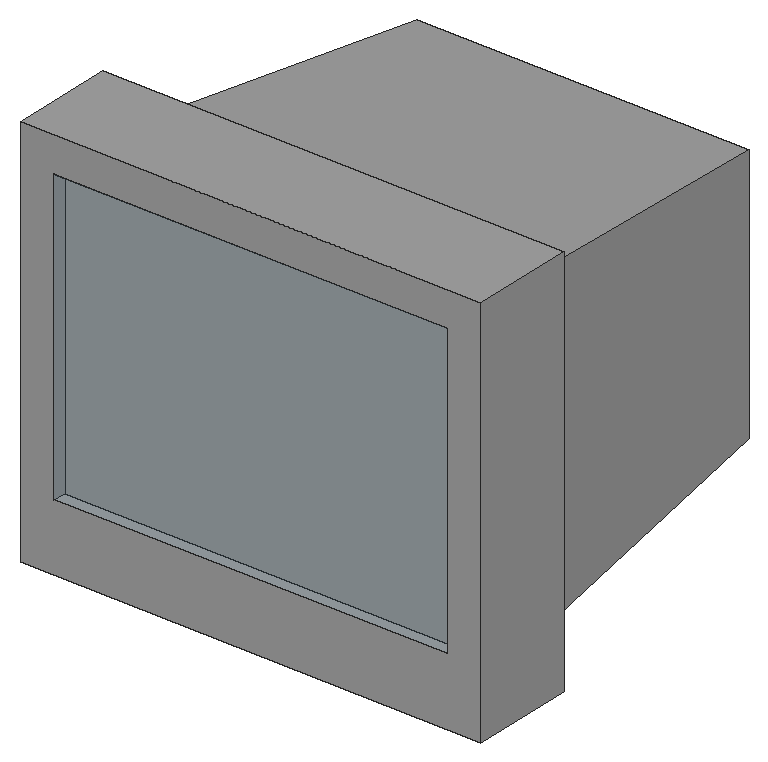
Revit family
Parameters (values of type "520mm 폭")
  재료 = 플라스틱 - 회색
  깊이 = 468.00 mm
  높이 = 445.00 mm
  폭 = 520.00 mm
  Assembly Code = ""
Reference planes
  plane 1 "중심(앞/뒤)": y = 0
  plane 2: z = 0
  plane 3 "중심(왼쪽/오른쪽)": x = 0
  plane 4: z = 445
  plane 5: y = -349.25
  plane 6: x = 260
  plane 7: x = -260
  plane 8: y = -232.25
  plane 9: x = -221.9
  plane 10: x = 221.9
  plane 11: x = -186.975
  plane 12: x = 186.975
  plane 13: z = 38.1
  plane 14: z = 76.2
  plane 15: z = 406.106
  plane 16: z = 368.006
  plane 17: y = 1.75
  plane 18: y = 118.75
  plane 19: y = -115.25
Forms (mm)
  Extrusion 1, solid, material "플라스틱 - 회색" <- "재료"
    sketch origin (0, 0, 0) x (1, 0, 0) y (0, 1, 0)
      loop
        line (-260, -232.25) -> (-260, -349.25) -> (260, -349.25) -> (260, -232.25) -> (-260, -232.25)
    from 0 to 445
  Blend 2, solid, material "플라스틱 - 회색" <- "재료"
    base sketch origin (-260, -349.25, 445) x (0, 0, -1) y (1, 0, 0)
      loop
        line (38.894, 38.1) -> (406.9, 38.1) -> (406.9, 481.9) -> (38.894, 481.9) -> (38.894, 38.1)
    top sketch origin (-260, -349.25, 445) x (0, 0, -1) y (1, 0, 0)
      loop
        line (76.994, 73.025) -> (368.8, 73.025) -> (368.8, 446.975) -> (76.994, 446.975) -> (76.994, 73.025)
    from -117 to -468
  Extrusion 3, void
    sketch origin (-260, -349.25, 445) x (0, 0, 1) y (1, 0, 0)
      loop
        line (-38.894, 38.1) -> (-38.894, 481.9) -> (-368.8, 481.9) -> (-368.8, 38.1) -> (-38.894, 38.1)
    from 0 to 14.728
  Extrusion 4, solid, material "유리"
    sketch origin (-260, -349.25, 445) x (0, 0, -1) y (1, 0, 0)
      loop
        line (38.894, 38.1) -> (368.8, 38.1) -> (368.8, 481.9) -> (38.894, 481.9) -> (38.894, 38.1)
    from -14.728 to 0
Cuts and joins
  Extrusion 3 cuts Extrusion 1
  Extrusion 3 cuts Blend 2
Lines and regions (mm)
  model lines
    curve 1: line (-221.9, -349.25, 76.2) -> (221.9, -349.25, 76.2)
    curve 2: line (-221.9, -349.25, 406.106) -> (-221.9, -349.25, 76.2)
    curve 3: line (221.9, -349.25, 406.106) -> (-221.9, -349.25, 406.106)
    curve 4: line (221.9, -349.25, 76.2) -> (221.9, -349.25, 406.106)
  symbolic lines
    curve 5: line (259.898, -349.25, 0) -> (-260, -349.25, 0)
    curve 6: line (-260, -349.25, 0) -> (-260, -232.25, 0)
    curve 7: line (-260, -232.25, 0) -> (-221.9, -232.25, 0)
    curve 8: line (-221.9, -232.25, 0) -> (-186.975, 118.75, 0)
    curve 9: line (-186.975, 118.75, 0) -> (186.975, 118.75, 0)
    curve 10: line (186.975, 118.75, 0) -> (221.9, -232.25, 0)
    curve 11: line (221.9, -232.25, 0) -> (259.898, -235.037, 0)
    curve 12: line (259.898, -235.037, 0) -> (259.898, -349.25, 0)
Dimensions and locks
  "폭": plane 7 to plane 6
  "높이": plane 4 to plane 2
  equal spacing: plane 7, plane 3 "중심(왼쪽/오른쪽)", plane 6
  plane 9 to plane 10 = 443.80 mm
  "깊이": plane 5 to plane 18
  equal spacing: plane 5, plane 8, plane 19, plane 17, plane 18
  locked: plane 7 to plane 9 at 38.1
  locked: plane 10 to plane 6 at 38.1
  locked: plane 15 to plane 4 at 38.894
  locked: plane 2 to plane 13 at 38.1
  locked: plane 9 to plane 11 at 34.925
  locked: plane 12 to plane 10 at 34.925
  locked: plane 16 to plane 15 at 38.1
  locked: plane 13 to plane 14 at 38.1
  aligned and locked: Extrusion 1 to plane 4
  aligned and locked: plane 9 to curve 1
  aligned and locked: plane 14 to curve 1
  aligned and locked: Blend 2 sketch curve to curve 2
  aligned and locked: Blend 2 to plane 18
  aligned and locked: plane 8 to Blend 2
  aligned and locked: Extrusion 3 sketch curve to curve 2
  aligned and locked: curve 1 to Extrusion 3 sketch curve
  aligned and locked: Extrusion 3 sketch curve to curve 4
  aligned and locked: Extrusion 4 sketch curve to curve 2
  aligned and locked: Extrusion 4 sketch curve to cut or joined group of Extrusion 1, Extrusion 3
  aligned and locked: Extrusion 4 sketch curve to curve 4
  aligned and locked: Extrusion 4 to cut or joined group of Extrusion 1, Extrusion 3
  aligned and locked: plane 5 to Extrusion 4
Automatic sketch dimensions
  Extrusion 1 sketch curve to plane 5 = 0.00 mm
  Extrusion 1 sketch curve to plane 7 = 0.00 mm
  Extrusion 1 sketch curve to plane 6 = 0.00 mm
  Extrusion 1 sketch curve to plane 8 = 0.00 mm
  curve 5 to plane 5 = 0.00 mm
  curve 5 to plane 7 = 0.00 mm
  curve 7 to plane 8 = 0.00 mm
  curve 7 to plane 9 = 0.00 mm
  curve 9 to plane 11 = 0.00 mm
  curve 9 to plane 12 = 0.00 mm
  curve 10 to plane 8 = 0.00 mm
  curve 10 to plane 10 = 0.00 mm
  curve 10 to plane 18 = 0.00 mm
  curve 11 to plane 6 = 0.102 mm
  plane 8 to curve 12 = 2.787 mm
  curve 3 to plane 15 = 0.00 mm
  curve 3 to plane 10 = 0.00 mm
  Blend 2 sketch curve to plane 10 = 0.00 mm
  Blend 2 sketch curve to plane 15 = 0.00 mm
  Blend 2 sketch curve to plane 13 = 0.00 mm
  Blend 2 sketch curve to plane 12 = 0.00 mm
  Blend 2 sketch curve to plane 16 = 0.00 mm
  Blend 2 sketch curve to plane 11 = 0.00 mm
  Blend 2 sketch curve to plane 14 = 0.00 mm
  Extrusion 3 sketch curve to plane 15 = 0.00 mm
  Extrusion 4 sketch curve to plane 15 = 0.00 mm
